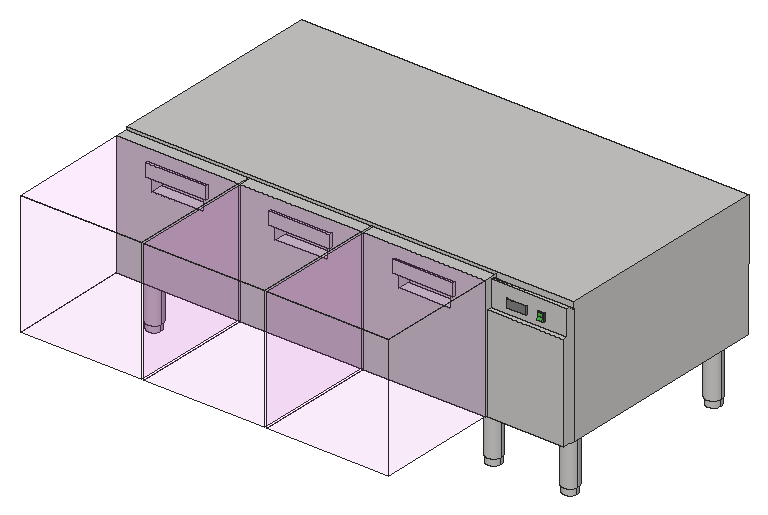
Revit family "QF_ELECTROLUXPROFESSIONAL_391600_E9TTBECOMKN", category Specialty Equipment, Revit 2018 (continued)
Definition of nested family "01_Refrigerator"
  Lines and regions (mm)
    detail lines, in view "Ref. Level"
      curve 4: line (19.116, 56.873, 0) -> (0, 35, 0)
      curve 5: line (0, 35, 0) -> (-19.116, 56.873, 0)
      curve 6: line (-30.311, 17.5, 0) -> (-40, 45.883, 0)
      curve 7: line (-59.736, 11.7, 0) -> (-30.311, 17.5, 0)
      curve 8: line (-30.311, -17.5, 0) -> (-59.736, -11.7, 0)
      curve 9: line (-40, -45.883, 0) -> (-30.311, -17.5, 0)
      curve 10: line (0, -35, 0) -> (-19.116, -56.873, 0)
      curve 11: line (19.116, -56.873, 0) -> (0, -35, 0)
      curve 12: line (30.311, -17.5, 0) -> (39.696, -44.992, 0)
      curve 13: line (58.812, -11.882, 0) -> (30.311, -17.5, 0)
      curve 14: line (30.311, 17.5, 0) -> (58.812, 11.882, 0)
      curve 15: line (39.696, 44.992, 0) -> (30.311, 17.5, 0)
      curve 16: spline (-200, 0, 0) -> (-193.185, -23.294, 0) -> (-173.205, -45, 0) -> (-141.421, -63.64, 0) -> (-100, -77.942, 0) -> (-51.764, -86.933, 0) -> (0, -90, 0) -> (51.764, -86.933, 0) -> (100, -77.942, 0) -> (141.421, -63.64, 0) -> (173.205, -45, 0) -> (193.185, -23.294, 0) -> (200, 0, 0) -> (193.185, 23.294, 0) -> (173.205, 45, 0) -> (141.421, 63.64, 0) -> (100, 77.942, 0) -> (51.764, 86.933, 0) -> (0, 90, 0) -> (-51.764, 86.933, 0) -> (-100, 77.942, 0) -> (-141.421, 63.64, 0) -> (-173.205, 45, 0) -> (-193.185, 23.294, 0) -> (-200, 0, 0)
